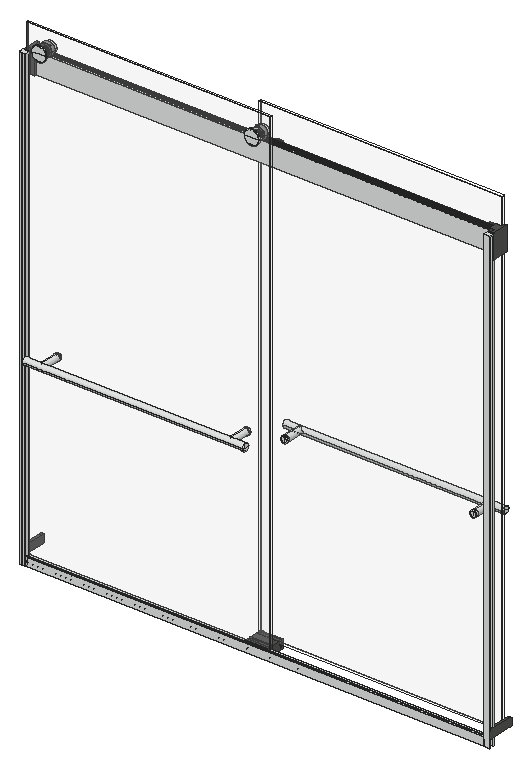
Revit family "Shower-Shower_Door-KOHLER-Levity_Plus-K-702426_1", category Specialty Equipment, host Face, Revit 2022
Family settings
  Host = Face
  Round Connector Dimension = Use Diameter
  Part Type = Normal
  OmniClass Number = 23.31.17.17
  OmniClass Title = Shower Enclosures
  Cut with Voids When Loaded = No
  Maintain Annotation Orientation = No
  Shared = No
  Room Calculation Point = No
Parameters (values of type "SHP-Bright Polished Silver")
  Width [instance] = Walk Thru + 199/256" + 31 81/256"  # 59 167/256"
  WaterSense Certified = 1 = 0  # no
  Walk Thru [instance] = 27 143/256"
  URL = "https://www.us.kohler.com/us/"
  Type = 1
  Product Page URL = "http://www.us.kohler.com/us/catalog/productDetails.jsp?productId=702426-L"
  Product Name = "Levity Plus"  # constant formula
  Product Documentation Link = "https://www.us.kohler.com/webassets/kpna/catalog/pdf/en/K-702426-L_spec_US-CA_Kohler_en.pdf"
  Model = if(Type = 1, "K-702426-L-SHP", if(Type = 2, "K-702426-L-BNK", if(Type = 3, "K-702426-L-BL", if(Type = 4, "K-702426-L-2MB", "NA"))))  # "K-702426-L-SHP"
  Material = "Premium Metal Construction"  # constant formula
  Master Format 2014 Name = "Shower Doors"  # constant formula
  Master Format 2014 = "10 28 19.16"  # constant formula
  Manufacturer Address = "444 Highland Dr, Kohler, WI 53044"  # constant formula
  Manufacturer = "Kohler Co."  # constant formula
  Length = 7 11/128"  # constant formula
  Height = 61 147/256"  # constant formula
  Finish = Kohler-Metal-SHP-Bright_Polished_Silver
  Environmental Product Declaration = ""
  Description = "3/8 BATH DOOR 62 X 59 5/8 TOWEL BAR"  # constant formula
  Default Elevation = 4"
  Declare Label = ""
  Date Modified = "03/24/2022"  # constant formula
  Date Created = "03/24/2022"  # constant formula
  Copyright = "Copyright Kohler Co."  # constant formula
  Contact Us = "https://www.us.kohler.com/us/static/contact.jsp"
  Assembly Code = "C1030200"
  ADA Compliant = 1 = 0  # no
Reference planes (in)
  plane 1 "Center (Front/Back)": y = 0
  plane 2: z = 0
  plane 3 "Center (Left/Right)": x = 0
  plane 4: x = 27.55859
  plane 5: x = 28.33574
  plane 6: x = 27.99528
  plane 7: x = 26.01938
  plane 8: z = 61.57422
  plane 9: z = 58.11024
  plane 10: z = 55.55118
  plane 11: z = 58.7811
  plane 12: x = -1.99865
  plane 13: x = -28.99865
  plane 14: x = -27.24865
  plane 15: x = 24.26938
  plane 16: x = -31.3166
  plane 17: x = -0.98122
  plane 18: y = -0.5592
  plane 19: x = -29.48798
  plane 20: x = -1.48798
  plane 21: z = 24.40945
  plane 22: x = -5.6645
  plane 23: y = 4.42112
  plane 24: y = 3.99592
  plane 25: y = -2.66482
  plane 26: y = -2.2403
  plane 27: y = -2.2403
  plane 28: x = 0.49068
  plane 29: x = -1.46995
  plane 30: x = 24.49068
  plane 31: x = 26.53005
  plane 32: y = -0.0391
Dimensions and locks (in)
  "Walk Thru": plane 4 to plane 3 "Center (Left/Right)"
  "Width": plane 16 to plane 5
  locked: plane 6 to plane 5 at 0.34046
  locked: plane 4 to plane 5 at 0.77715
  locked: plane 7 to plane 5 at 2.31636
  locked: plane 15 to plane 5 at 4.06636
  "Height": plane 8 to level
  plane 10 to level = 55.55118"
  plane 9 to plane 10 = 2.55906"
  "Length": plane 25 to plane 23
  locked: plane 31 to plane 5 at 1.80569
  locked: plane 30 to plane 31 at 2.03937
  locked: plane 28 to plane 30 at 24
  locked: plane 29 to plane 28 at 1.96063
  plane 21 to level = 24.40945"
  aligned and locked: plane 2 to host face
  aligned and locked: level to host face
  aligned and locked: plane 3 "Center (Left/Right)" to nested 1
  aligned and locked: plane 4 to nested 1
Automatic sketch dimensions
  host sketch curve to host sketch curve = 96"  (x2)
Nested families (in)
  nested 1: "K-702426" at (0, -0.5592, 0), type "K-702426"
    with Width 59.64914", Walk Thru 27 143/256"
Definition of nested family "K-702426"
  Parameters (values of type "K-702426")
    Width = Walk Thru + 0.77559" + 31.31496"  # 54.9252"
    Walk Thru = 22.83465"
    Material = none
    Default Elevation = 0"
  Reference planes (in)
    plane 1 "Center (Front/Back)": y = 0
    plane 2: z = 0
    plane 3 "Center (Left/Right)": x = 0
    plane 4: z = 61.5748
    plane 5: x = -31.3134
    plane 6: x = 22.83465
    plane 7: x = 23.61179
    plane 8: z = 55.55118
    plane 9: z = 58.11024
    plane 10 "A": z = 58.7811
    plane 11: x = -28.99865
    plane 12: x = -1.99865
    plane 13: y = -2.1063
    plane 14: y = -1.6811
    plane 15 "C": x = 21.3348
    plane 16 "X": z = 56.63127
    plane 17 "D": x = -5.66579
    plane 18: x = 23.27133
    plane 19 "M": x = -27.48798
    plane 20: x = -3.48798
    plane 21 "N": z = 24.40945
    plane 22: x = -29.48798
    plane 23: x = -1.48798
    plane 24 "O": x = -4.23327
    plane 25 "P": x = 19.76673
    plane 26: x = -6.60666
    plane 27: x = -4.72493
    plane 28: x = -2.93431
    plane 29: y = 4.98031
    plane 30: y = 4.55512
    plane 31: x = -6.1939
    plane 32: x = 21.8061
  Forms (in)
    Extrusion 1, solid
      sketch origin (0, 0, 0) x (1, 0, 0) y (0, 1, 0)
        loop
          line (-31.3134, 2.37158) -> (-31.3134, 0.38563)
          arc (-31.3134, 0.38563) -> (-31.30418, 0.36336) -> (-31.28191, 0.35413) r 0.0315
          line (-31.28191, 0.35413) -> (-31.02523, 0.35413)
          arc (-31.02523, 0.35413) -> (-31.00295, 0.36336) -> (-30.99373, 0.38563) r 0.0315
          line (-30.99373, 0.38563) -> (-30.99373, 0.85734)
          arc (-30.99373, 0.85734) -> (-30.9845, 0.87961) -> (-30.96223, 0.88884) r 0.0315
          line (-30.96223, 0.88884) -> (-30.36006, 0.88884)
          arc (-30.36006, 0.88884) -> (-30.33857, 0.89774) -> (-30.32966, 0.91923) r 0.03039
          line (-30.32966, 0.91923) -> (-30.32966, 2.02115) -> (-30.99701, 2.02858) -> (-30.99701, 2.37088)
          arc (-30.99701, 2.37088) -> (-31.00624, 2.39315) -> (-31.02851, 2.40237) r 0.0315
          line (-31.02851, 2.40237) -> (-31.28261, 2.40237)
          arc (-31.28261, 2.40237) -> (-31.30439, 2.39336) -> (-31.3134, 2.37158) r 0.03079
      from 55.35616 to 58.33005
    Extrusion 2, solid, material <- "Material", detail levels medium+fine
      sketch origin (0, 0, 0) x (1, 0, 0) y (0, 1, 0)
        loop
          line (-30.99165, 0.20982) -> (-30.99165, -0.20982) -> (-30.79705, -0.20982) -> (-30.79705, -0.27247) -> (-31.25589, -0.27247) -> (-31.25589, -0.30702) -> (-30.6559, -0.32797)
          arc (-30.6559, -0.32797) -> (-30.58047, -0.29901) -> (-30.5489, -0.22464) r 0.10339
          line (-30.5489, -0.22464) -> (-30.5489, 0.22464)
          arc (-30.5489, 0.22464) -> (-30.58047, 0.29901) -> (-30.6559, 0.32797) r 0.10339
          line (-30.6559, 0.32797) -> (-31.25589, 0.30702) -> (-31.25589, 0.27247) -> (-30.79705, 0.27247) -> (-30.79705, 0.20982) -> (-30.99165, 0.20982)
        loop
          line (-31.3134, 0.20982) -> (-31.12433, 0.20982) -> (-31.12433, 0) -> (-31.12433, -0.20982) -> (-31.3134, -0.20982) -> (-31.3134, -0.25253) -> (-31.08302, -0.25253) -> (-31.08302, 0) -> (-31.08302, 0.25253) -> (-31.3134, 0.25253) -> (-31.3134, 0.20982)
      from 0.08036 to 58.29324
    Extrusion 3, solid, material <- "Material", detail levels medium+fine
      sketch origin (0, 0, 0) x (1, 0, 0) y (0, 1, 0)
        loop
          line (-30.6559, 0.32797) -> (-31.25589, 0.30702) -> (-31.25589, 0.25253) -> (-31.3134, 0.25253) -> (-31.3134, -0.25253) -> (-31.25589, -0.25253) -> (-31.25589, -0.30702) -> (-30.6559, -0.32797)
          arc (-30.6559, -0.32797) -> (-30.58047, -0.29901) -> (-30.5489, -0.22464) r 0.10339
          line (-30.5489, -0.22464) -> (-30.5489, 0.22464)
          arc (-30.5489, 0.22464) -> (-30.58047, 0.29901) -> (-30.6559, 0.32797) r 0.10339
      from 58.36655 to 58.29324
    Extrusion 4, solid
      sketch origin (0, 0, 0) x (0, 1, 0) y (0, 0, 1)
        loop
          line (2.917, 2.13263) -> (-0.20982, 2.13263) -> (-0.20982, 1.05663) -> (2.93672, 1.05663)
          arc (2.93672, 1.05663) -> (3.10579, 1.12666) -> (3.17581, 1.29573) r 0.23909
          line (3.17581, 1.29573) -> (3.17581, 1.87382)
          arc (3.17581, 1.87382) -> (3.10001, 2.05683) -> (2.917, 2.13263) r 0.25882
      from -30.99165 to -31.3134
    Extrusion 5, solid, material <- "Material"
      sketch origin (0, 0, 0) x (0, 1, 0) y (0, 0, 1)
        loop
          arc (0, 0.33997) -> (0.03474, 0.38326) -> (0.08453, 0.35871) r 0.04434
          line (0.08453, 0.35871) -> (0.11423, 0.29502)
          arc (0.11423, 0.29502) -> (0.14686, 0.27839) -> (0.17089, 0.30603) r 0.02975
          line (0.17089, 0.30603) -> (0.20017, 0.86474)
          arc (0.20017, 0.86474) -> (0.19197, 0.88698) -> (0.17019, 0.89634) r 0.03002
          line (0.17019, 0.89634) -> (0.02343, 0.89634)
          arc (0.02343, 0.89634) -> (-0.02199, 0.94176) -> (0.02343, 0.98718) r 0.04542
          line (0.02343, 0.98718) -> (0.19567, 0.98718)
          arc (0.19567, 0.98718) -> (0.19347, 1.02749) -> (0.15814, 1.04703) r 0.04169
          line (0.15814, 1.04703) -> (-0.19878, 1.04703) -> (-0.19878, 0) -> (0.49474, 0) -> (0.49474, 0.07959) -> (0.14319, 0.07959)
          arc (0.14319, 0.07959) -> (0.04194, 0.12153) -> (0, 0.22278) r 0.14319
          line (0, 0.22278) -> (0, 0.33997)
        loop
          line (0.53901, 0.96058) -> (0.10163, 0.96058)
          arc (0.10163, 0.96058) -> (0.08163, 0.94058) -> (0.10163, 0.92059) r 0.01999
          line (0.10163, 0.92059) -> (0.53901, 0.92059)
          arc (0.53901, 0.92059) -> (0.559, 0.94058) -> (0.53901, 0.96058) r 0.01999
      from -30.99165 to 22.83465
    Revolve 6, solid, material <- "Material", detail levels medium+fine
      sketch origin (27, 0, 58.7811) x (0, -1, 0) y (1, 0, 0)
        loop
          line (0.14044, -28.99865) -> (-1.79905, -28.99865) -> (-1.79905, -29.69269) -> (-1.43263, -29.69269) -> (-1.43263, -29.74488)
          arc (-1.43263, -29.74488) -> (-1.24562, -29.80339) -> (-1.05861, -29.74488) r 0.32812
          line (-1.05861, -29.74488) -> (-1.05861, -29.53477) -> (-0.92215, -29.53477) -> (-0.92215, -29.73162) -> (-0.7253, -29.73162) -> (-0.7253, -29.46245) -> (-0.4133, -29.46245) -> (-0.4133, -29.6593) -> (-0.06827, -29.6593) -> (-0.06827, -29.89414) -> (-0.02811, -29.93431) -> (0.09751, -29.93431) -> (0.14044, -29.89138) -> (0.14044, -28.99865)
        axis (0.14044, -28.99865) -> (-1.79905, -28.99865)
      angle from 0 to 360
    Revolve 7, solid, material <- "Material", detail levels medium+fine
      sketch origin (0, 0, 58.7811) x (0, -1, 0) y (1, 0, 0)
        loop
          line (0.14044, -28.99865) -> (-1.79905, -28.99865) -> (-1.79905, -29.69269) -> (-1.43263, -29.69269) -> (-1.43263, -29.74488)
          arc (-1.43263, -29.74488) -> (-1.24562, -29.80339) -> (-1.05861, -29.74488) r 0.32812
          line (-1.05861, -29.74488) -> (-1.05861, -29.53477) -> (-0.92215, -29.53477) -> (-0.92215, -29.73162) -> (-0.7253, -29.73162) -> (-0.7253, -29.46245) -> (-0.36761, -29.46245) -> (-0.36761, -29.6593) -> (-0.06827, -29.6593) -> (-0.06827, -29.89414) -> (-0.02811, -29.93431) -> (0.09751, -29.93431) -> (0.14044, -29.89138) -> (0.14044, -28.99865)
        axis (0.14044, -28.99865) -> (-1.79905, -28.99865)
      angle from 0 to 360
    Extrusion 8, solid, material <- "Material", detail levels medium+fine
      sketch origin (0, 0, 0) x (0, 1, 0) y (0, 0, 1)
        loop
          line (0.97838, 58.11024) -> (0.97838, 55.55118) -> (1.85747, 55.55118)
          arc (1.85747, 55.55118) -> (1.9, 55.5688) -> (1.91761, 55.61132) r 0.06014
          line (1.91761, 55.61132) -> (1.91761, 55.8826)
          arc (1.91761, 55.8826) -> (1.89894, 55.93897) -> (1.85029, 55.97303) r 0.0944
          line (1.85029, 55.97303) -> (1.85029, 55.89596) -> (1.65621, 55.79963) -> (1.38912, 55.92464) -> (1.38912, 57.53182)
          arc (1.38912, 57.53182) -> (1.41101, 57.58465) -> (1.46384, 57.60654) r 0.07472
          line (1.46384, 57.60654) -> (1.84605, 57.60654) -> (1.84605, 57.43287) -> (1.8957, 57.43287)
          arc (1.8957, 57.43287) -> (1.91735, 57.44184) -> (1.92632, 57.46349) r 0.03062
          line (1.92632, 57.46349) -> (1.92632, 58.05604)
          arc (1.92632, 58.05604) -> (1.91044, 58.09436) -> (1.87212, 58.11024) r 0.0542
          line (1.87212, 58.11024) -> (1.69975, 58.11024) -> (1.69975, 58.0262) -> (1.81407, 58.0262)
          arc (1.81407, 58.0262) -> (1.84489, 58.01343) -> (1.85765, 57.98261) r 0.04358
          line (1.85765, 57.98261) -> (1.85765, 57.82935) -> (1.31287, 57.82935) -> (1.31287, 57.89797) -> (1.44737, 57.95785) -> (1.44737, 58.00188)
          arc (1.44737, 58.00188) -> (1.43926, 58.01681) -> (1.42231, 58.01815) r 0.01781
          line (1.42231, 58.01815) -> (1.24538, 57.93937) -> (1.04592, 58.02818) -> (1.04592, 58.09041)
          arc (1.04592, 58.09041) -> (1.04011, 58.10443) -> (1.02609, 58.11024) r 0.01983
          line (1.02609, 58.11024) -> (0.97838, 58.11024)
      from -30.58824 to 22.83465
    Extrusion 9, solid
      sketch origin (0, 0, 58.7811) x (0, -1, 0) y (1, 0, 0)
        loop
          line (-0.32691, -0.05125) -> (-0.38691, 0.00875) -> (-0.64791, 0.00875) -> (-0.70791, -0.05125) -> (-0.70791, -30.93125) -> (-0.64791, -30.99125) -> (-0.38691, -30.99125) -> (-0.32691, -30.93125) -> (-0.32691, -0.05125)
      from 2.7937 to -58.06096
    Extrusion 10, solid
      sketch origin (0, 0, 0) x (0, 1, 0) y (0, 0, 1)
        loop
          line (2.79395, 0) -> (2.73913, 1.04611)
          arc (2.73913, 1.04611) -> (2.73201, 1.06155) -> (2.71622, 1.06785) r 0.02294
          line (2.71622, 1.06785) -> (2.58256, 1.06785)
          arc (2.58256, 1.06785) -> (2.56781, 1.06181) -> (2.56152, 1.04717) r 0.02105
          line (2.56152, 1.04717) -> (2.54725, 0.22974)
          arc (2.54725, 0.22974) -> (2.52045, 0.16735) -> (2.45761, 0.14164) r 0.08966
          line (2.45761, 0.14164) -> (2.27292, 0.14164)
          arc (2.27292, 0.14164) -> (2.21358, 0.16532) -> (2.18684, 0.22333) r 0.0862
          line (2.18684, 0.22333) -> (2.14487, 1.02412)
          arc (2.14487, 1.02412) -> (2.13055, 1.05518) -> (2.09879, 1.06785) r 0.04614
          line (2.09879, 1.06785) -> (1.06637, 1.06785)
          arc (1.06637, 1.06785) -> (1.03461, 1.05518) -> (1.02029, 1.02412) r 0.04614
          line (1.02029, 1.02412) -> (0.97833, 0.22333)
          arc (0.97833, 0.22333) -> (0.95158, 0.16532) -> (0.89225, 0.14164) r 0.0862
          line (0.89225, 0.14164) -> (0.70755, 0.14164)
          arc (0.70755, 0.14164) -> (0.64471, 0.16735) -> (0.61791, 0.22974) r 0.08966
          line (0.61791, 0.22974) -> (0.60364, 1.04717)
          arc (0.60364, 1.04717) -> (0.59735, 1.06181) -> (0.5826, 1.06785) r 0.02105
          line (0.5826, 1.06785) -> (0.30693, 1.06785) -> (0.30693, 0.16201) -> (0.47604, 0.16201)
          arc (0.47604, 0.16201) -> (0.50033, 0.15195) -> (0.51039, 0.12766) r 0.03435
          line (0.51039, 0.12766) -> (0.51039, 0.08994)
          arc (0.51039, 0.08994) -> (0.52098, 0.06032) -> (0.54793, 0.04411) r 0.04675
          arc (0.54793, 0.04411) -> (0.76846, 0.01105) -> (0.99117, 0) r 2.24921
          line (0.99117, 0) -> (2.79395, 0)
      from -3.12027 to -0.34077
    Revolve 11, solid, material <- "Material"
      sketch origin (-5.66579, 0, 0) x (0, 0, -1) y (0, -1, 0)
        loop
          line (-57.57086, -2.99093) -> (-57.53008, -3.03171) -> (-56.63127, -3.03171) -> (-56.63127, -1.91129) -> (-57.36736, -1.91129) -> (-57.36736, -2.16793) -> (-57.23745, -2.16793) -> (-57.23745, -2.52933) -> (-57.29546, -2.52933) -> (-57.29546, -2.82297) -> (-57.52921, -2.82297) -> (-57.57086, -2.86461) -> (-57.57086, -2.99093)
        axis (-56.63127, -1.91129) -> (-56.63127, -3.03171)
      angle from 0 to 360
    Revolve 12, solid, material <- "Material"
      sketch origin (21.3348, 0, 0) x (0, 0, -1) y (0, -1, 0)
        loop
          line (-57.57086, -2.99093) -> (-57.53008, -3.03171) -> (-56.63127, -3.03171) -> (-56.63127, -1.91129) -> (-57.36736, -1.91129) -> (-57.36736, -2.16793) -> (-57.23745, -2.16793) -> (-57.23745, -2.52933) -> (-57.29546, -2.52933) -> (-57.29546, -2.82297) -> (-57.52921, -2.82297) -> (-57.57086, -2.86461) -> (-57.57086, -2.99093)
        axis (-56.63127, -1.91129) -> (-56.63127, -3.03171)
      angle from 0 to 360
    Extrusion 13, solid
      sketch origin (0, 0, 58.7811) x (0, -1, 0) y (1, 0, 0)
        loop
          line (-2.40428, 23.61179) -> (-2.40428, 23.41034)
          arc (-2.40428, 23.41034) -> (-2.37444, 23.3383) -> (-2.30241, 23.30846) r 0.10187
          line (-2.30241, 23.30846) -> (-2.09932, 23.30846)
          arc (-2.09932, 23.30846) -> (-2.03657, 23.28247) -> (-2.01058, 23.21972) r 0.08874
          line (-2.01058, 23.21972) -> (-2.01058, 22.68355)
          arc (-2.01058, 22.68355) -> (-1.99255, 22.64001) -> (-1.949, 22.62197) r 0.06158
          line (-1.949, 22.62197) -> (-0.96774, 22.62197)
          arc (-0.96774, 22.62197) -> (-0.9202, 22.64166) -> (-0.90051, 22.6892) r 0.06723
          line (-0.90051, 22.6892) -> (-0.90051, 23.19912)
          arc (-0.90051, 23.19912) -> (-0.8829, 23.24164) -> (-0.84038, 23.25925) r 0.06013
          line (-0.84038, 23.25925) -> (-0.37453, 23.25925)
          arc (-0.37453, 23.25925) -> (-0.34132, 23.273) -> (-0.32756, 23.30621) r 0.04697
          line (-0.32756, 23.30621) -> (-0.32756, 23.61179) -> (-2.40428, 23.61179)
      from -0.4295 to -3.42639
    Extrusion 14, solid
      sketch origin (0, 0, 0) x (0, 1, 0) y (0, 0, -1)
        loop
          arc (2.917, -2.13263) -> (3.10001, -2.05683) -> (3.17581, -1.87382) r 0.25882
          line (3.17581, -1.87382) -> (3.17581, -1.29573)
          arc (3.17581, -1.29573) -> (3.10579, -1.12666) -> (2.93672, -1.05663) r 0.23909
          line (2.93672, -1.05663) -> (-0.23901, -1.05663) -> (-0.23901, -2.13263) -> (2.917, -2.13263)
      from -23.27133 to -23.61179
    Extrusion 15, solid, material <- "Material"
      sketch origin (0, 0, 58.7811) x (0, -1, 0) y (1, 0, 0)
        loop
          line (-0.32756, 22.83465) -> (0.31775, 22.83465) -> (0.31775, 23.61179) -> (0.23901, 23.61179) -> (0.23901, 22.91339) -> (-0.24882, 22.91339) -> (-0.24882, 23.61179) -> (-0.32756, 23.61179) -> (-0.32756, 22.83465)
      from -58.70152 to -0.5382
    Extrusion 16, solid, material <- "Material"
      sketch origin (0, 0, 0) x (1, 0, 0) y (0, 1, 0)
        loop
          line (23.61179, 0.32756) -> (22.83465, 0.32756) -> (22.83465, -0.31775) -> (23.61179, -0.31775) -> (23.61179, 0.32756)
      from 58.2429 to 58.11024
    Extrusion 17, solid
      sketch origin (0, 0, 58.7811) x (0, -1, 0) y (1, 0, 0)
        loop
          line (-2.21054, 23.27133) -> (-2.47154, 23.27133) -> (-2.53154, 23.21133) -> (-2.53154, -7.63717) -> (-2.47154, -7.69717) -> (-2.21054, -7.69717) -> (-2.15054, -7.63717) -> (-2.15054, 23.21133) -> (-2.21054, 23.27133)
      from -58.07652 to 2.7937
    Extrusion 18, solid, material <- "Material", detail levels coarse
      sketch origin (0, 0, 58.7811) x (0, -1, 0) y (1, 0, 0)
        loop
          line (-0.32797, -30.5489) -> (-0.32797, -31.3134) -> (0.32797, -31.3134) -> (0.32797, -30.5489) -> (-0.32797, -30.5489)
      from -58.7811 to -0.45105
    Revolve 19, solid, material <- "Material", detail levels coarse
      sketch origin (0, 0, 58.7811) x (0, -1, 0) y (1, 0, 0)
        loop
          line (0.14044, -28.99865) -> (-1.79905, -28.99865) -> (-1.79905, -29.69269) -> (-1.43263, -29.69269) -> (-1.43263, -29.74488) -> (-1.05861, -29.74488) -> (-1.05861, -29.53477) -> (-0.92215, -29.53477) -> (-0.92215, -29.73162) -> (-0.70791, -29.73162) -> (-0.70791, -29.6593) -> (-0.06827, -29.6593) -> (-0.06827, -29.93431) -> (0.14044, -29.93431) -> (0.14044, -28.99865)
        axis (-1.79905, -28.99865) -> (0.14044, -28.99865)
      angle from 0 to 360
    Revolve 20, solid, material <- "Material", detail levels coarse
      sketch origin (27, 0, 58.7811) x (0, -1, 0) y (1, 0, 0)
        loop
          line (0.14044, -28.99865) -> (-1.79905, -28.99865) -> (-1.79905, -29.69269) -> (-1.43263, -29.69269) -> (-1.43263, -29.74488) -> (-1.05861, -29.74488) -> (-1.05861, -29.53477) -> (-0.92215, -29.53477) -> (-0.92215, -29.73162) -> (-0.7253, -29.73162) -> (-0.7253, -29.6593) -> (-0.06827, -29.6593) -> (-0.06827, -29.93431) -> (0.14044, -29.93431) -> (0.14044, -28.99865)
        axis (-1.79905, -28.99865) -> (0.14044, -28.99865)
      angle from 0 to 360
    Extrusion 21, solid, material <- "Material", detail levels coarse
      sketch origin (0, 0, 0) x (0, 1, 0) y (0, 0, 1)
        loop
          line (0.97838, 58.11024) -> (0.97838, 55.55118) -> (1.92632, 55.55118) -> (1.92632, 58.11024) -> (0.97838, 58.11024)
      from -30.5489 to 22.83465
    Revolve 22, solid, material <- "Material"
      sketch origin (-27.48798, 0, 0) x (0, 1, 0) y (0, 0, 1)
        loop
          line (1.0153, 24.40945) -> (1.0153, 24.78916)
          arc (1.0153, 24.78916) -> (1.00693, 24.80937) -> (0.98672, 24.81774) r 0.02858
          line (0.98672, 24.81774) -> (0.77828, 24.81774)
          arc (0.77828, 24.81774) -> (0.75066, 24.81374) -> (0.7253, 24.80206) r 0.09735
          line (0.7253, 24.80206) -> (-1.6811, 24.80206) -> (-1.6811, 24.40945) -> (1.0153, 24.40945)
        axis (1.0153, 24.40945) -> (-1.6811, 24.40945)
      angle from 0 to 360
    Revolve 23, solid, material <- "Material"
      sketch origin (-3.48798, 0, 0) x (0, 1, 0) y (0, 0, 1)
        loop
          line (1.0153, 24.40945) -> (1.0153, 24.78916)
          arc (1.0153, 24.78916) -> (1.00693, 24.80937) -> (0.98672, 24.81774) r 0.02858
          line (0.98672, 24.81774) -> (0.77828, 24.81774)
          arc (0.77828, 24.81774) -> (0.75066, 24.81374) -> (0.7253, 24.80206) r 0.09735
          line (0.7253, 24.80206) -> (-1.6811, 24.80206) -> (-1.6811, 24.40945) -> (1.0153, 24.40945)
        axis (1.0153, 24.40945) -> (-1.6811, 24.40945)
      angle from 0 to 360
    Revolve 24, solid, material <- "Material", detail levels medium+fine
      sketch origin (0, 0, 24.40945) x (-1, 0, 0) y (0, -1, 0)
        loop
          line (1.48798, 1.6811) -> (29.48798, 1.6811) -> (29.48798, 2.05371) -> (29.43539, 2.1063) -> (1.54209, 2.1063) -> (1.48798, 2.05219) -> (1.48798, 1.6811)
        axis (29.48798, 1.6811) -> (1.48798, 1.6811)
      angle from 0 to 360
    Revolve 25, solid, material <- "Material"
      sketch origin (-4.23327, 0, 0) x (0, 1, 0) y (0, 0, 1)
        loop
          line (1.87663, 24.40945) -> (4.47562, 24.40945) -> (4.47562, 24.80206) -> (2.16662, 24.80206)
          arc (2.16662, 24.80206) -> (2.14127, 24.81374) -> (2.11364, 24.81774) r 0.09735
          line (2.11364, 24.81774) -> (1.90521, 24.81774)
          arc (1.90521, 24.81774) -> (1.885, 24.80937) -> (1.87663, 24.78916) r 0.02858
          line (1.87663, 24.78916) -> (1.87663, 24.40945)
        axis (4.47562, 24.40945) -> (1.87663, 24.40945)
      angle from 0 to 360
    Revolve 26, solid, material <- "Material"
      sketch origin (19.76673, 0, 0) x (0, 1, 0) y (0, 0, 1)
        loop
          line (1.87663, 24.40945) -> (4.47562, 24.40945) -> (4.47562, 24.80206) -> (2.16662, 24.80206)
          arc (2.16662, 24.80206) -> (2.14127, 24.81374) -> (2.11364, 24.81774) r 0.09735
          line (2.11364, 24.81774) -> (1.90521, 24.81774)
          arc (1.90521, 24.81774) -> (1.885, 24.80937) -> (1.87663, 24.78916) r 0.02858
          line (1.87663, 24.78916) -> (1.87663, 24.40945)
        axis (4.47562, 24.40945) -> (1.87663, 24.40945)
      angle from 0 to 360
    Revolve 27, solid, material <- "Material", detail levels medium+fine
      sketch origin (0, 0, 24.40945) x (-1, 0, 0) y (0, -1, 0)
        loop
          line (6.14427, -4.98031) -> (6.1939, -4.93069) -> (6.1939, -4.55545) -> (-21.8061, -4.55545) -> (-21.8061, -4.93007) -> (-21.75586, -4.98031) -> (6.14427, -4.98031)
        axis (6.1939, -4.55545) -> (-21.8061, -4.55545)
      angle from 0 to 360
    Revolve 28, solid, material <- "Material", detail levels coarse
      sketch origin (0, 0, 24.40945) x (-1, 0, 0) y (0, -1, 0)
        loop
          line (1.48798, 1.6811) -> (29.48798, 1.6811) -> (29.48798, 2.1063) -> (1.48798, 2.1063) -> (1.48798, 1.6811)
        axis (1.48798, 1.6811) -> (29.48798, 1.6811)
      angle from 0 to 360
    Revolve 29, solid, material <- "Material", detail levels coarse
      sketch origin (0, 0, 24.40945) x (-1, 0, 0) y (0, -1, 0)
        loop
          line (6.1939, -4.98031) -> (6.1939, -4.55545) -> (-21.8061, -4.55545) -> (-21.8061, -4.98031) -> (6.1939, -4.98031)
        axis (6.1939, -4.55545) -> (-21.8061, -4.55545)
      angle from 0 to 360
  Cuts and joins
    joined: Extrusion 2, Extrusion 3
    joined: Extrusion 15, Extrusion 16
  Lines and regions (in)
    Masking region 1
      outline origin (21.3348, 0, 0) x (0, 0, -1) y (0, -1, 0)
        loop
          line (-61.5748, -0.32691) -> (-61.5748, -0.70791) -> (-59.51407, -0.70791) -> (-59.51407, -0.92215) -> (-59.31722, -0.92215) -> (-59.31722, -1.05861) -> (-59.52733, -1.05861)
          arc (-59.52733, -1.05861) -> (-59.58927, -1.24562) -> (-59.52733, -1.43263) r 0.31327
          line (-59.52733, -1.43263) -> (-59.47514, -1.43263) -> (-59.47514, -1.79905) -> (-58.33005, -1.79905) -> (-58.33005, -2.15054) -> (-61.5748, -2.15054) -> (-61.5748, -2.53154) -> (-57.29546, -2.53154) -> (-57.29546, -2.82297) -> (-57.52921, -2.82297) -> (-57.57086, -2.86461) -> (-57.57086, -2.99093) -> (-57.53008, -3.03171) -> (-55.73246, -3.03171) -> (-55.69168, -2.99093) -> (-55.69168, -2.86461) -> (-55.73333, -2.82297) -> (-55.96708, -2.82297) -> (-55.96708, -2.53154) -> (-24.8029, -2.53154) -> (-24.8029, -4.39548)
          arc (-24.8029, -4.39548) -> (-24.40945, -4.98031) -> (-24.01599, -4.39548) r 0.42477
          line (-24.01599, -4.39548) -> (-24.01599, -2.53154) -> (-2.13263, -2.53154) -> (-2.13263, -2.917)
          arc (-2.13263, -2.917) -> (-2.05683, -3.10001) -> (-1.87382, -3.17581) r 0.25882
          line (-1.87382, -3.17581) -> (-1.29573, -3.17581)
          arc (-1.29573, -3.17581) -> (-1.12666, -3.10579) -> (-1.05663, -2.93672) r 0.23909
          line (-1.05663, -2.93672) -> (-1.05663, -2.73858) -> (0, -2.79395) -> (0, -0.99117)
          arc (0, -0.99117) -> (-0.01105, -0.76846) -> (-0.04411, -0.54793) r 2.24921
          arc (-0.04411, -0.54793) -> (-0.06032, -0.52098) -> (-0.08994, -0.51039) r 0.04675
          line (-0.08994, -0.51039) -> (-0.12766, -0.51039)
          arc (-0.12766, -0.51039) -> (-0.15195, -0.50033) -> (-0.16201, -0.47604) r 0.03435
          line (-0.16201, -0.47604) -> (-0.16201, -0.32756) -> (-0.07959, -0.32756) -> (-0.07959, -0.49474) -> (0, -0.49474) -> (0, 0.19878) -> (-0.08036, 0.19878) -> (-0.08036, 0.32803) -> (-24.01599, 0.32803) -> (-24.01599, 1.45154)
          arc (-24.01599, 1.45154) -> (-24.40945, 2.10013) -> (-24.8029, 1.45154) r 0.44363
          line (-24.8029, 1.45154) -> (-24.8029, 0.32803) -> (-58.36655, 0.32803) -> (-58.36655, 0.14044) -> (-59.67383, 0.14044) -> (-59.7168, 0.09747) -> (-59.7168, -0.02728) -> (-59.67581, -0.06827) -> (-59.44175, -0.06827) -> (-59.44175, -0.32691) -> (-61.5748, -0.32691)
        loop
          line (-1.05663, -0.7253) -> (-1.05663, -1.03622)
          arc (-1.05663, -1.03622) -> (-1.04201, -1.02494) -> (-1.02412, -1.02029) r 0.04614
          line (-1.02412, -1.02029) -> (-0.22333, -0.97833)
          arc (-0.22333, -0.97833) -> (-0.16532, -0.95158) -> (-0.14164, -0.89225) r 0.0862
          line (-0.14164, -0.89225) -> (-0.14164, -0.70755)
          arc (-0.14164, -0.70755) -> (-0.16735, -0.64471) -> (-0.22974, -0.61791) r 0.08966
          line (-0.22974, -0.61791) -> (-0.72015, -0.60935) -> (-0.72015, -0.7253) -> (-1.05663, -0.7253)
        loop
          arc (-0.22974, -2.54725) -> (-0.16735, -2.52045) -> (-0.14164, -2.45761) r 0.08966
          line (-0.14164, -2.45761) -> (-0.14164, -2.27292)
          arc (-0.14164, -2.27292) -> (-0.16532, -2.21358) -> (-0.22333, -2.18684) r 0.0862
          line (-0.22333, -2.18684) -> (-0.70459, -2.16162) -> (-0.70459, -2.53154) -> (-1.02649, -2.53154) -> (-1.05663, -2.56169) -> (-0.22974, -2.54725)
        loop
          line (-2.13263, -0.7253) -> (-19.9478, -0.7253) -> (-24.014, -0.7253)
          arc (-24.014, -0.7253) -> (-24.00212, -0.75724) -> (-23.99808, -0.79109) r 0.14387
          line (-23.99808, -0.79109) -> (-23.99808, -0.98395)
          arc (-23.99808, -0.98395) -> (-24.00726, -1.0061) -> (-24.02941, -1.01528) r 0.03133
          line (-24.02941, -1.01528) -> (-24.40945, -1.01528) -> (-24.78949, -1.01528)
          arc (-24.78949, -1.01528) -> (-24.81164, -1.0061) -> (-24.82082, -0.98395) r 0.03133
          line (-24.82082, -0.98395) -> (-24.82082, -0.79109)
          arc (-24.82082, -0.79109) -> (-24.81678, -0.75724) -> (-24.8049, -0.7253) r 0.14387
          line (-24.8049, -0.7253) -> (-32.4488, -0.7253) -> (-55.35616, -0.7253) -> (-55.35616, -2.15054) -> (-24.8105, -2.15054)
          arc (-24.8105, -2.15054) -> (-24.81822, -2.12428) -> (-24.82082, -2.09704) r 0.14387
          line (-24.82082, -2.09704) -> (-24.82082, -1.90418)
          arc (-24.82082, -1.90418) -> (-24.81164, -1.88202) -> (-24.78949, -1.87284) r 0.03133
          line (-24.78949, -1.87284) -> (-24.40945, -1.87284) -> (-24.02941, -1.87284)
          arc (-24.02941, -1.87284) -> (-24.00726, -1.88202) -> (-23.99808, -1.90418) r 0.03133
          line (-23.99808, -1.90418) -> (-23.99808, -2.09704)
          arc (-23.99808, -2.09704) -> (-24.00068, -2.12428) -> (-24.0084, -2.15054) r 0.14387
          line (-24.0084, -2.15054) -> (-2.13263, -2.15054) -> (-2.13263, -0.7253)
    Masking region 2
      outline origin (0, 0, 0) x (1, 0, 0) y (0, 0, 1)
        loop
          line (-30.99192, 61.5748) -> (-30.99192, 58.36655) -> (-31.3134, 58.36655) -> (-31.3134, 0.08036) -> (-30.99165, 0.08036) -> (-30.99165, 0) -> (22.83465, 0) -> (22.83465, 0.07959) -> (23.61179, 0.07959) -> (23.61179, 58.35161) -> (23.27133, 58.35161) -> (23.27133, 61.5748) -> (-30.99192, 61.5748)
    Masking region 3
      outline origin (0, 0, 0) x (1, 0, 0) y (0, 1, 0)
        loop
          line (-31.3134, 3.17581) -> (-31.3134, -0.32797) -> (-30.54744, -0.32797) -> (-30.54744, -0.19878) -> (-27.88153, -0.19878) -> (-27.88153, -1.23685) -> (-29.43477, -1.23685) -> (-29.48798, -1.29006) -> (-29.48798, -2.05371) -> (-29.43539, -2.1063) -> (-1.54209, -2.1063) -> (-1.48798, -2.05219) -> (-1.48798, -1.29158) -> (-1.54209, -1.23747) -> (-3.09444, -1.23747) -> (-3.09444, -0.19878) -> (22.83465, -0.19878) -> (22.83465, -0.31775) -> (23.61179, -0.31775) -> (23.61179, 3.17581) -> (23.27133, 3.17581) -> (23.27133, 2.02713)
          arc (23.27133, 2.02713) -> (23.24682, 2.01482) -> (23.21972, 2.01058) r 0.08874
          line (23.21972, 2.01058) -> (22.68355, 2.01058)
          arc (22.68355, 2.01058) -> (22.63266, 1.98368) -> (22.62624, 1.92648) r 0.06158
          line (22.62624, 1.92648) -> (-0.34077, 1.92648) -> (-0.34077, 2.79395) -> (-3.12027, 2.79395) -> (-3.12027, 1.92648) -> (-30.32966, 1.92648) -> (-30.32966, 2.02115) -> (-30.99165, 2.02852) -> (-30.99165, 3.17581) -> (-31.3134, 3.17581)
        loop
          line (-30.36006, 0.88884) -> (-30.96198, 0.88884)
          arc (-30.96198, 0.88884) -> (-30.98312, 0.88008) -> (-30.99187, 0.85894) r 0.0299
          line (-30.99187, 0.85894) -> (-30.99187, 0.64729) -> (-30.93125, 0.70791) -> (-29.73162, 0.70791) -> (-29.73162, 0.92215) -> (-29.53477, 0.92215) -> (-29.53477, 0.97838) -> (-30.32966, 0.97838) -> (-30.32966, 0.91923)
          arc (-30.32966, 0.91923) -> (-30.33857, 0.89774) -> (-30.36006, 0.88884) r 0.03039
        loop
          line (-28.26569, 0.92215) -> (-28.26569, 0.70791) -> (-27.8803, 0.70791)
          arc (-27.8803, 0.70791) -> (-27.89212, 0.74788) -> (-27.89611, 0.78936) r 0.21779
          line (-27.89611, 0.78936) -> (-27.89611, 0.97838) -> (-28.46254, 0.97838) -> (-28.46254, 0.92215) -> (-28.26569, 0.92215)
        loop
          line (22.62281, 0.97838) -> (-0.34077, 0.97838) -> (-0.34077, 0.70791) -> (-0.05125, 0.70791) -> (0.00875, 0.64791) -> (0.00875, 0.5592) -> (22.83465, 0.5592) -> (22.83465, 0.32756) -> (23.3183, 0.32756)
          arc (23.3183, 0.32756) -> (23.28509, 0.34132) -> (23.27133, 0.37453) r 0.04697
          line (23.27133, 0.37453) -> (23.27133, 0.84038)
          arc (23.27133, 0.84038) -> (23.25372, 0.8829) -> (23.2112, 0.90051) r 0.06013
          line (23.2112, 0.90051) -> (22.6892, 0.90051)
          arc (22.6892, 0.90051) -> (22.63804, 0.92412) -> (22.62281, 0.97838) r 0.06723
        loop
          line (-27.07986, 0.97838) -> (-27.07986, 0.78936)
          arc (-27.07986, 0.78936) -> (-27.08376, 0.74791) -> (-27.09533, 0.70791) r 0.22214
          line (-27.09533, 0.70791) -> (-3.85486, 0.70791)
          arc (-3.85486, 0.70791) -> (-3.87466, 0.74238) -> (-3.88153, 0.78153) r 0.11495
          line (-3.88153, 0.78153) -> (-3.88153, 0.97838) -> (-27.07986, 0.97838)
        loop
          line (-27.09444, -0.19878) -> (-27.09444, -1.23685) -> (-3.88153, -1.23685) -> (-3.88153, -0.19878) -> (-27.09444, -0.19878)
    Masking region 4
      outline origin (0, 0, 24.40945) x (-1, 0, 0) y (0, -1, 0)
        loop
          line (4.76699, -3.03171) -> (6.5646, -3.03171) -> (6.60666, -2.98965) -> (6.60666, -2.86589) -> (6.56374, -2.82297) -> (6.32999, -2.82297) -> (6.32999, -2.53154) -> (7.63717, -2.53154) -> (7.69717, -2.47154) -> (7.69717, -2.21054) -> (7.63717, -2.15054) -> (6.40253, -2.15054) -> (6.40253, -1.92632) -> (4.9297, -1.92632) -> (4.9297, -2.15054) -> (4.62588, -2.15054) -> (4.62588, -1.92632) -> (3.84065, -1.92632) -> (3.84065, -2.15054) -> (-19.37412, -2.15054) -> (-19.37412, -1.92632) -> (-20.15935, -1.92632) -> (-20.15935, -2.15054) -> (-20.59871, -2.15054) -> (-20.59871, -1.92632) -> (-22.06415, -1.92632) -> (-22.06415, -2.15054) -> (-23.21133, -2.15054) -> (-23.27133, -2.21054) -> (-23.27133, -2.47154) -> (-23.21133, -2.53154) -> (-21.999, -2.53154) -> (-21.999, -2.82297) -> (-22.23275, -2.82297) -> (-22.27391, -2.86413) -> (-22.27391, -2.99141) -> (-22.23361, -3.03171) -> (-21.3348, -3.03171) -> (-20.436, -3.03171) -> (-20.39509, -2.99081) -> (-20.39509, -2.86473) -> (-20.43686, -2.82297) -> (-20.67061, -2.82297) -> (-20.67061, -2.53154) -> (-20.15935, -2.53154) -> (-20.15935, -4.13058) -> (-21.75586, -4.13058) -> (-21.8061, -4.18082) -> (-21.8061, -4.93007) -> (-21.75586, -4.98031) -> (6.14427, -4.98031) -> (6.1939, -4.93069) -> (6.1939, -4.1802) -> (6.14427, -4.13058) -> (4.62588, -4.13058) -> (4.62588, -2.53154) -> (5.0016, -2.53154) -> (5.0016, -2.82297) -> (4.76785, -2.82297) -> (4.72493, -2.86589) -> (4.72493, -2.98965) -> (4.76699, -3.03171)
        loop
          line (3.84065, -4.13058) -> (3.84065, -2.53154) -> (-19.37412, -2.53154) -> (-19.37412, -4.13058) -> (3.84065, -4.13058)
    symbolic lines, detail levels medium+fine
      curve 1: line (21.3348, 1.79905, 58.33005) -> (21.3348, 0.4133, 58.33005)
      curve 2: line (21.3348, 1.43263, 59.47514) -> (21.3348, 1.43263, 58.33005)
      curve 3: line (21.3348, 1.05861, 59.31722) -> (21.3348, 1.05861, 58.33005)
      curve 4: line (21.3348, 0.92215, 59.31722) -> (21.3348, 0.92215, 58.33005)
      curve 5: line (21.3348, 0.70791, 59.51407) -> (21.3348, 0.70791, 58.33005)
      curve 6: line (21.3348, -0.20325, 58.36655) -> (21.3348, 0.32756, 58.36655)
      curve 7: line (21.3348, 0.06827, 59.44175) -> (21.3348, 0.06827, 58.36655)
      curve 8: line (21.3348, -0.09747, 59.7168) -> (21.3348, -0.09747, 58.36655)
      curve 9: line (21.3348, 0.02728, 59.7168) -> (21.3348, 0.02728, 58.36655)
      curve 10: line (21.3348, 2.15054, 55.35616) -> (21.3348, 2.40237, 55.35616)
      curve 11: line (21.3348, 2.40237, 55.35616) -> (21.3348, 2.40237, 58.33005)
      curve 12: line (21.3348, 2.82297, 55.96708) -> (21.3348, 2.82297, 57.29546)
      curve 13: line (21.3348, 2.86461, 55.69168) -> (21.3348, 2.86461, 57.57086)
      curve 14: line (21.3348, 2.99093, 57.57086) -> (21.3348, 2.99093, 55.69168)
      curve 15: line (21.3348, 2.11274, 58.33005) -> (21.3348, 2.40237, 58.33005)
      curve 16: line (21.3348, 0.7253, 55.35616) -> (21.3348, 0.35413, 55.35616)
      curve 17: line (21.3348, 0.32756, 2.13263) -> (21.3348, 0.32756, 58.36655)
      curve 18: line (21.3348, 0.4133, 58.33005) -> (21.3348, 0.35413, 58.33005)
      curve 19: line (21.3348, 0.35413, 58.33005) -> (21.3348, 0.35413, 55.35616)
      curve 20: line (21.3348, -0.20982, 58.29324) -> (21.3348, -0.20982, 0.08036)
      curve 21: line (21.3348, 0.25253, 58.29324) -> (21.3348, -0.27247, 58.29324)
      curve 22: line (21.3348, 0.20982, 0.08036) -> (21.3348, 0.20982, 58.29324)
      curve 23: line (21.3348, 0.25253, 0.08036) -> (21.3348, 0.25253, 58.29324)
      curve 24: line (21.3348, -0.27247, 58.29324) -> (21.3348, -0.27247, 0.08036)
      curve 25: line (21.3348, 2.73858, 1.05663) -> (21.3348, 2.56169, 1.05663)
      curve 26: line (21.3348, 2.65013, 1.05663) -> (21.3348, 1.03622, 1.05663)
      curve 27: line (21.3348, 2.16162, 0.70459) -> (21.3348, 2.16162, 1.05663)
      curve 28: line (21.3348, 0.60935, 0.72015) -> (21.3348, 0.32756, 0.72015)
      curve 29: line (21.3348, -0.20982, 0.08036) -> (21.3348, 0.32756, 0.08036)
      curve 30: line (21.3348, 2.72427, 2.13263) -> (21.3348, 2.03257, 2.13263)
      curve 31: line (21.3348, 0.7253, 2.13263) -> (21.3348, 0.25253, 2.13263)
      curve 32: line (21.3348, 0.7253, 1.05663) -> (21.3348, 0.25253, 1.05663)
      curve 33: line (21.3348, 0.32756, 1.05663) -> (21.3348, 0.32756, 0.08036)
      curve 34: line (-30.99192, 0, 58.36655) -> (-30.5489, 0, 58.36655)
      curve 35: line (-30.5489, 0, 58.36655) -> (-30.5489, 0, 0.08036)
      curve 36: line (-30.99165, 0, 0.08036) -> (-30.5489, 0, 0.08036)
      curve 37: line (-30.5489, 0, 1.04703) -> (22.83465, 0, 1.04703)
      curve 38: circle (-28.99865, 0, 58.7811) r 0.93903 normal (0, -1, 0)
      curve 39: circle (-28.99865, 0, 58.7811) r 0.89273 normal (0, -1, 0)
      curve 40: circle (-1.99865, 0, 58.7811) r 0.93903 normal (0, -1, 0)
      curve 41: circle (-1.99865, 0, 58.7811) r 0.89273 normal (0, -1, 0)
      curve 42: line (0, 0, 61.5748) -> (0, 0, 1.04703)
      curve 43: line (23.27133, 0, 58.35161) -> (22.62197, 0, 58.35161)
      curve 44: line (22.62197, 0, 58.35161) -> (22.62197, 0, 55.35471)
      curve 45: line (22.62197, 0, 55.35471) -> (22.83465, 0, 55.35471)
      curve 46: line (22.83465, 0, 58.2429) -> (22.83465, 0, 0.07959)
      curve 47: line (22.83465, 0, 58.2429) -> (23.61179, 0, 58.2429)
      curve 48: line (0, 0, 58.11024) -> (22.62197, 0, 58.11024)
      curve 49: line (0, 0, 55.55118) -> (22.62197, 0, 55.55118)
      curve 50: line (19.76673, 2.15054, 24.01683) -> (19.76673, 2.15054, 24.80423)
      curve 51: line (19.76673, 2.53154, 24.01599) -> (19.76673, 2.53154, 24.8029)
      curve 52: arc (19.76673, 4.39548, 24.01599) -> (19.76673, 4.13199, 24.40945) -> (19.76673, 4.39548, 24.8029) r 0.4255
      curve 53: arc (19.76673, 4.9321, 24.40945) -> (19.76673, 4.55686, 24.78469) -> (19.76673, 4.18161, 24.40945) r 0.37525
      curve 54: arc (19.76673, 4.18161, 24.40945) -> (19.76673, 4.55686, 24.0342) -> (19.76673, 4.9321, 24.40945) r 0.37525
      curve 55: line (19.76673, 0.7253, 24.014) -> (19.76673, 0.7253, 24.8049)
      curve 56: line (19.76673, -0.32803, 24.8029) -> (19.76673, -0.32803, 24.01599)
      curve 57: arc (19.76673, -2.0291, 24.40945) -> (19.76673, -1.6565, 24.78205) -> (19.76673, -1.28389, 24.40945) r 0.3726
      curve 58: arc (19.76673, -1.28389, 24.40945) -> (19.76673, -1.6565, 24.03684) -> (19.76673, -2.0291, 24.40945) r 0.3726
      curve 59: arc (19.76673, -1.45154, 24.01599) -> (19.76673, -1.21286, 24.40945) -> (19.76673, -1.45154, 24.8029) r 0.44363
      curve 60: circle (19.76673, 0, 24.40945) r 0.39262 normal (0, -1, 0)
      curve 61: line (-29.48798, 0, 24.40945) -> (-29.48798, 0, 24.80057)
      curve 62: line (-29.43539, 0, 24.85316) -> (-1.54237, 0, 24.85316)
      curve 63: line (-1.54237, 0, 24.85316) -> (-1.48798, 0, 24.79878)
      curve 64: line (-1.48798, 0, 24.79878) -> (-1.48798, 0, 24.40945)
      curve 65: line (-29.43539, 0, 24.85316) -> (-29.48798, 0, 24.80057)
      curve 66: line (-29.48798, 0, 24.40945) -> (-29.48798, 0, 24.01833)
      curve 67: line (-29.43539, 0, 23.96574) -> (-1.54237, 0, 23.96574)
      curve 68: line (-1.54237, 0, 23.96574) -> (-1.48798, 0, 24.02012)
      curve 69: line (-1.48798, 0, 24.02012) -> (-1.48798, 0, 24.40945)
      curve 70: line (-29.43539, 0, 23.96574) -> (-29.48798, 0, 24.01833)
      curve 71: line (-29.43539, 0, 23.96574) -> (-29.43539, 0, 24.85316)
      curve 72: line (-1.54237, 0, 23.96574) -> (-1.54237, 0, 24.85316)
      curve 73: line (22.83465, -0.19878, 24.40945) -> (22.83465, 0.32756, 24.40945)
      curve 74: line (22.62281, 0.97838, 24.40945) -> (22.62281, 1.93883, 24.40945)
      curve 75: line (23.61179, 2.40428, 24.40945) -> (23.41034, 2.40428, 24.40945)
      curve 76: arc (23.41034, 2.40428, 24.40945) -> (23.3383, 2.37444, 24.40945) -> (23.30846, 2.30241, 24.40945) r 0.10187
      curve 77: line (23.30846, 2.30241, 24.40945) -> (23.30846, 2.09932, 24.40945)
      curve 78: arc (23.30846, 2.09932, 24.40945) -> (23.29863, 2.05873, 24.40945) -> (23.27133, 2.02713, 24.40945) r 0.08874
      curve 79: line (23.30621, 0.32756, 24.40945) -> (23.61179, 0.32756, 24.40945)
      curve 80: line (20.59871, 2.15054, 24.40945) -> (22.06415, 2.15054, 24.40945)
      curve 81: line (20.67061, 2.53154, 24.40945) -> (21.999, 2.53154, 24.40945)
      curve 82: line (20.67061, 2.82297, 24.40945) -> (21.999, 2.82297, 24.40945)
      curve 83: line (20.39509, 2.99081, 24.40945) -> (22.27391, 2.99141, 24.40945)
      curve 84: line (20.39509, 2.86473, 24.40945) -> (22.27391, 2.86413, 24.40945)
      curve 85: line (21.75586, 4.13058, 24.40945) -> (21.75586, 4.98031, 24.40945)
      curve 86: line (19.37412, 2.53154, 24.40945) -> (20.15935, 2.53154, 24.40945)
      curve 87: line (19.37412, 2.15054, 24.40945) -> (20.15935, 2.15054, 24.40945)
      curve 88: line (-6.14427, 4.13058, 24.40945) -> (-6.14427, 4.98031, 24.40945)
      curve 89: line (-4.62588, 4.13058, 24.40945) -> (-3.84065, 4.13058, 24.40945)
      curve 90: line (-6.60666, 2.98965, 24.40945) -> (-4.72493, 2.98965, 24.40945)
      curve 91: line (-6.60666, 2.86589, 24.40945) -> (-4.72493, 2.86589, 24.40945)
      curve 92: line (-6.32999, 2.82297, 24.40945) -> (-5.0016, 2.82297, 24.40945)
      curve 93: line (-6.32999, 2.53154, 24.40945) -> (-5.0016, 2.53154, 24.40945)
      curve 94: line (-6.40253, 2.15054, 24.40945) -> (-4.9297, 2.15054, 24.40945)
      curve 95: line (-3.12027, 1.92648, 24.40945) -> (-0.34077, 1.92648, 24.40945)
      curve 96: line (-0.34077, 2.59647, 24.40945) -> (-3.12027, 2.59647, 24.40945)
      curve 97: line (-0.34077, 2.08269, 24.40945) -> (-3.12027, 2.08269, 24.40945)
      curve 98: line (-29.43477, -1.23685, 24.40945) -> (-29.43477, -2.10481, 24.40945)
      curve 99: line (-29.69269, 1.79905, 24.40945) -> (-28.30462, 1.79905, 24.40945)
      curve 100: line (-29.74488, 1.43263, 24.40945) -> (-28.25243, 1.43263, 24.40945)
      curve 101: line (-29.74488, 1.05861, 24.40945) -> (-28.25243, 1.05861, 24.40945)
      curve 102: line (-29.73162, 0.92215, 24.40945) -> (-28.26569, 0.92215, 24.40945)
      curve 103: line (-29.69269, 1.79905, 24.40945) -> (-29.69269, 1.43263, 24.40945)
      curve 104: line (-28.30462, 1.79905, 24.40945) -> (-28.30462, 1.43263, 24.40945)
      curve 105: arc (-29.74488, 1.43263, 24.40945) -> (-29.8027, 1.24562, 24.40945) -> (-29.74488, 1.05861, 24.40945) r 0.33133
      curve 106: arc (-28.25243, 1.43263, 24.40945) -> (-28.20532, 1.24562, 24.40945) -> (-28.25243, 1.05861, 24.40945) r 0.39472
      curve 107: line (-29.53477, 0.97838, 24.40945) -> (-29.53477, 1.05861, 24.40945)
      curve 108: line (-28.46254, 0.97838, 24.40945) -> (-28.46254, 1.05861, 24.40945)
      curve 109: line (-30.54744, -0.19878, 24.40945) -> (-30.54744, 0.30336, 24.40945)
      curve 110: line (-28.063, -0.09751, 24.40945) -> (-29.93431, -0.09751, 24.40945)
      curve 111: line (-28.063, 0.02811, 24.40945) -> (-29.93431, 0.02811, 24.40945)
      curve 112: line (-29.89138, -0.14044, 24.40945) -> (-28.10593, -0.14044, 24.40945)
      curve 113: line (-29.89414, 0.06827, 24.40945) -> (-28.10317, 0.06827, 24.40945)
      curve 114: line (-29.89138, -0.14044, 24.40945) -> (-29.93431, -0.09751, 24.40945)
      curve 115: line (-29.93431, -0.09751, 24.40945) -> (-29.93431, 0.02811, 24.40945)
      curve 116: line (-29.89414, 0.06827, 24.40945) -> (-29.93431, 0.02811, 24.40945)
      curve 117: line (-29.6593, 0.32691, 24.40945) -> (-29.6593, 0.06827, 24.40945)
      curve 118: line (-28.338, 0.32691, 24.40945) -> (-28.338, 0.06827, 24.40945)
      curve 119: line (-28.10317, 0.06827, 24.40945) -> (-28.063, 0.02811, 24.40945)
      curve 120: line (-28.063, 0.02811, 24.40945) -> (-28.063, -0.09751, 24.40945)
      curve 121: line (-28.063, -0.09751, 24.40945) -> (-28.10593, -0.14044, 24.40945)
      curve 122: line (-29.73162, 0.70791, 24.40945) -> (-28.26569, 0.70791, 24.40945)
      curve 123: line (-31.28191, 0.35413, 24.40945) -> (-31.02523, 0.35413, 24.40945)
      curve 124: arc (-31.3134, 0.38563, 24.40945) -> (-31.30418, 0.36336, 24.40945) -> (-31.28191, 0.35413, 24.40945) r 0.0315
      curve 125: line (-30.99187, 0.65108, 24.40945) -> (-30.99187, 0.38912, 24.40945)
      curve 126: arc (-31.02523, 0.35413, 24.40945) -> (-31.00106, 0.36448, 24.40945) -> (-30.99187, 0.38912, 24.40945) r 0.03339
      curve 127: line (-27.89611, 0.97838, 24.40945) -> (-27.07986, 0.97838, 24.40945)
      curve 128: line (-27.88217, 0.70791, 24.40945) -> (-27.0938, 0.70791, 24.40945)
      curve 129: line (-30.32966, 0.97838, 24.40945) -> (-30.32966, 1.92648, 24.40945)
      curve 130: line (-27.88153, -0.19878, 24.40945) -> (-27.88153, 0.32691, 24.40945)
      curve 131: line (-27.09444, -0.19878, 24.40945) -> (-27.09444, 0.32691, 24.40945)
      curve 132: line (-2.89138, -0.14044, 24.40945) -> (-1.10593, -0.14044, 24.40945)
      curve 133: line (-2.93431, 0.02811, 24.40945) -> (-2.93431, -0.09751, 24.40945)
      curve 134: line (-2.89138, -0.14044, 24.40945) -> (-2.93431, -0.09751, 24.40945)
      curve 135: line (-2.89414, 0.06827, 24.40945) -> (-1.10317, 0.06827, 24.40945)
      curve 136: line (-2.93431, 0.02811, 24.40945) -> (-2.89414, 0.06827, 24.40945)
      curve 137: line (-1.063, -0.09751, 24.40945) -> (-2.93431, -0.09751, 24.40945)
      curve 138: line (-1.063, 0.02811, 24.40945) -> (-2.93431, 0.02811, 24.40945)
      curve 139: line (-1.10593, -0.14044, 24.40945) -> (-1.063, -0.09751, 24.40945)
      curve 140: line (-1.063, -0.09751, 24.40945) -> (-1.063, 0.02811, 24.40945)
      curve 141: line (-1.063, 0.02811, 24.40945) -> (-1.10317, 0.06827, 24.40945)
      curve 142: line (-3.88153, -0.19878, 24.40945) -> (-3.88153, 0.32691, 24.40945)
      curve 143: line (-3.09444, -0.19878, 24.40945) -> (-3.09444, 0.32691, 24.40945)
      curve 144: line (-2.6593, 0.32691, 24.40945) -> (-2.6593, 0.06827, 24.40945)
      curve 145: line (-1.338, 0.32691, 24.40945) -> (-1.338, 0.06827, 24.40945)
      curve 146: line (-2.73162, 0.92215, 24.40945) -> (-2.73162, 0.70791, 24.40945)
      curve 147: line (-2.73162, 0.92215, 24.40945) -> (-1.26569, 0.92215, 24.40945)
      curve 148: line (-1.26569, 0.92215, 24.40945) -> (-1.26569, 0.70791, 24.40945)
      curve 149: line (-3.88153, 0.70791, 24.40945) -> (-0.34077, 0.70791, 24.40945)
      curve 150: line (-2.69269, 1.79905, 24.40945) -> (-1.30462, 1.79905, 24.40945)
      curve 151: line (-2.7996, 1.43263, 24.40945) -> (-1.19136, 1.43263, 24.40945)
      curve 152: line (-2.69269, 1.79905, 24.40945) -> (-2.69269, 1.43263, 24.40945)
      curve 153: line (-1.30462, 1.79905, 24.40945) -> (-1.30462, 1.43263, 24.40945)
      curve 154: line (-2.7996, 1.05861, 24.40945) -> (-1.19136, 1.05861, 24.40945)
      curve 155: line (-2.7996, 1.05861, 24.40945) -> (-2.7996, 1.43263, 24.40945)
      curve 156: line (-1.19136, 1.05861, 24.40945) -> (-1.19136, 1.43263, 24.40945)
      curve 157: line (-2.5094, 0.92215, 24.40945) -> (-2.5094, 1.05861, 24.40945)
      curve 158: line (-1.48798, 1.05861, 24.40945) -> (-1.48798, 0.92215, 24.40945)
      curve 159: line (-3.88153, 0.97838, 24.40945) -> (-2.5094, 0.97838, 24.40945)
      curve 160: line (-0.34077, 0.97838, 24.40945) -> (-1.48798, 0.97838, 24.40945)
      curve 161: line (-1.54209, -2.1063, 24.40945) -> (-1.54209, -1.23747, 24.40945)
      curve 162: line (-3.88153, -1.23685, 24.40945) -> (-3.09444, -1.23685, 24.40945)
      curve 163: line (-27.88153, -1.23685, 24.40945) -> (-27.09444, -1.23685, 24.40945)
      curve 164: line (19.37412, 4.13058, 24.40945) -> (20.15935, 4.13058, 24.40945)
      curve 165: line (-30.54744, 0.19567, 24.40945) -> (-29.6593, 0.19567, 24.40945)
      curve 166: line (-28.338, 0.19567, 24.40945) -> (-27.88153, 0.19567, 24.40945)
      curve 167: line (-27.09444, 0.19567, 24.40945) -> (-3.88153, 0.19567, 24.40945)
      curve 168: line (-3.09444, 0.97838, 24.40945) -> (-3.09444, 0.70791, 24.40945)
      curve 169: line (-30.32966, 1.69975, 24.40945) -> (-29.69269, 1.69975, 24.40945)
      curve 170: line (-30.32966, 1.45243, 24.40945) -> (-29.69269, 1.45243, 24.40945)
      curve 171: line (-30.32966, 1.24538, 24.40945) -> (-29.8027, 1.24538, 24.40945)
      curve 172: line (-28.30462, 1.69975, 24.40945) -> (-2.69269, 1.69975, 24.40945)
      curve 173: line (-28.30462, 1.44737, 24.40945) -> (-2.69269, 1.44737, 24.40945)
      curve 174: line (-28.20532, 1.24562, 24.40945) -> (-2.7996, 1.24562, 24.40945)
      curve 175: line (-3.09444, 0.19567, 24.40945) -> (-2.6593, 0.19567, 24.40945)
      curve 176: line (-1.338, 0.19628, 24.40945) -> (22.83465, 0.19628, 24.40945)
      curve 177: line (-1.30462, 1.69975, 24.40945) -> (22.62281, 1.69975, 24.40945)
      curve 178: line (-1.30462, 1.45148, 24.40945) -> (22.62281, 1.45148, 24.40945)
      curve 179: line (-1.19136, 1.24562, 24.40945) -> (22.62281, 1.24562, 24.40945)
      curve 180: line (-4.62588, 2.15054, 24.40945) -> (-3.84065, 2.15054, 24.40945)
      curve 181: line (-4.62588, 2.53154, 24.40945) -> (-3.84065, 2.53154, 24.40945)
      curve 182: line (-30.93125, 0.32691, 24.40945) -> (-28.338, 0.32691, 24.40945)
      curve 183: line (-30.99125, 0.38691, 24.40945) -> (-30.93125, 0.32691, 24.40945)
      curve 184: line (-28.338, 0.32691, 24.40945) -> (-0.05125, 0.32691, 24.40945)
      curve 185: line (-0.05125, 0.32691, 24.40945) -> (0.00875, 0.38691, 24.40945)
      curve 186: line (0.00875, 0.38691, 24.40945) -> (0.00875, 0.5592, 24.40945)
      curve 187: line (19.76673, 2.53154, 55.96708) -> (19.76673, 2.53154, 57.29546)
      curve 188: line (19.76673, 0.32691, 59.44175) -> (19.76673, 0.32691, 58.35103)
      curve 189: line (19.76673, 0.64791, 0.72015) -> (19.76673, 0.64791, 1.05663)
      curve 190: line (19.76673, 0.38691, 0.72015) -> (19.76673, 0.38691, 1.05663)
      curve 191: line (19.76673, 2.47154, 2.13263) -> (19.76673, 2.47154, 61.5748)
      curve 192: line (19.76673, 2.47154, 0.70459) -> (19.76673, 2.47154, 1.05663)
      curve 193: line (19.76673, 2.21054, 0.70459) -> (19.76673, 2.21054, 1.05663)
      curve 194: line (19.76673, 2.21054, 2.13263) -> (19.76673, 2.21054, 61.5748)
      curve 195: line (19.76673, 0.64791, 2.13263) -> (19.76673, 0.64791, 55.35616)
      curve 196: line (19.76673, 0.38691, 2.13263) -> (19.76673, 0.38691, 55.35851)
      curve 197: line (19.76673, 0.64791, 58.33005) -> (19.76673, 0.64791, 61.5748)
      curve 198: line (19.76673, 0.38691, 58.33316) -> (19.76673, 0.38691, 61.5748)
      curve 199: line (-31.3134, 0.30336, 24.40945) -> (-30.54744, 0.30336, 24.40945)
      curve 200: line (-31.02315, 2.40237, 24.40945) -> (-31.28261, 2.40237, 24.40945)
      curve 201: arc (-31.28261, 2.40237, 24.40945) -> (-31.30439, 2.39336, 24.40945) -> (-31.3134, 2.37158, 24.40945) r 0.03079
      curve 202: arc (-30.99165, 2.37088, 24.40945) -> (-31.00088, 2.39315, 24.40945) -> (-31.02315, 2.40237, 24.40945) r 0.0315
  Dimensions and locks (in)
    plane 4 to level = 61.5748"
    "Walk Thru": plane 6 to plane 3 "Center (Left/Right)"
    locked: plane 7 to plane 6 at 0.77715
    plane 3 "Center (Left/Right)" to plane 5 = 31.3134"
    "Width": plane 7 to plane 5
    plane 8 to level = 55.55118"
    plane 9 to plane 8 = 2.55906"
    locked: plane 7 to plane 18 at 0.34046
    plane 21 "N" to level = 24.40945"
    locked: plane 24 "O" to plane 7 at 27.84506
    locked: plane 25 "P" to plane 7 at 3.84506
    locked: Revolve 27 sketch curve to plane 24 "O" at 1.96063
    locked: Revolve 27 sketch curve to Revolve 27 sketch curve at 28
    locked: plane 17 "D" to plane 24 "O" at 1.43253
    locked: Masking region 3 sketch curve to Masking region 3 sketch curve at 0.76126
    locked: plane 26 to plane 17 "D" at 0.94087
    locked: plane 17 "D" to plane 27 at 0.94087
    locked: plane 15 "C" to plane 7 at 2.27699
    locked: Masking region 4 sketch curve to Masking region 4 sketch curve at 1.32839
    locked: Masking region 4 sketch curve to plane 17 "D" at 0.66419
    locked: Masking region 4 sketch curve to plane 24 "O" at 0.39262
    locked: Masking region 4 sketch curve to Masking region 4 sketch curve at 0.78523
    locked: plane 19 "M" to plane 28 at 24.55367
    locked: plane 28 to curve 144 at 0.275
    locked: plane 28 to curve 146 at 0.20269
    locked: plane 28 to curve 152 at 0.24162
    locked: plane 28 to curve 155 at 0.13471
    locked: plane 28 to curve 157 at 0.42491
    plane 29 to plane 30 = 0.4252"
    plane 29 to plane 13 = 7.08661"
    plane 13 to plane 14 = 0.4252"
    locked: plane 20 to Masking region 3 sketch curve at 0.39355
    locked: plane 31 to plane 24 "O" at 1.96063
    locked: plane 25 "P" to plane 32 at 2.03937
    aligned and locked: plane 2 to level
    aligned and locked: plane 6 to Extrusion 5
    aligned and locked: plane 6 to Extrusion 8
    aligned and locked: plane 7 to Extrusion 13 sketch curve
    aligned and locked: plane 7 to Extrusion 14
    aligned and locked: plane 18 to Extrusion 14
    aligned and locked: plane 6 to Extrusion 15 sketch curve
    aligned and locked: plane 7 to Extrusion 15 sketch curve
    aligned and locked: Extrusion 10 to Masking region 1 sketch curve
    aligned and locked: Masking region 2 sketch curve to plane 7
    aligned and locked: Masking region 2 sketch curve to Extrusion 13
    aligned and locked: Masking region 2 sketch curve to plane 6
    aligned and locked: Extrusion 13 to curve 43
    aligned and locked: plane 7 to Masking region 3 sketch curve
    aligned and locked: plane 6 to Extrusion 21
    aligned and locked: Masking region 3 sketch curve to Extrusion 10
    aligned and locked: Masking region 3 sketch curve to Masking region 3 sketch curve
    aligned and locked: Masking region 4 sketch curve to Revolve 11  (x2)
    aligned and locked: Masking region 4 sketch curve to plane 26
    aligned and locked: Revolve 11 to Masking region 4 sketch curve
    aligned and locked: plane 27 to Masking region 4 sketch curve
    aligned and locked: Masking region 4 sketch curve to Revolve 27  (x2)
    aligned and locked: Masking region 4 sketch curve to Masking region 4 sketch curve  (x2)
    aligned and locked: Masking region 4 sketch curve to Revolve 12  (x3)
    aligned and locked: Revolve 12 to Masking region 4 sketch curve
    aligned and locked: Masking region 4 sketch curve to plane 18
    aligned and locked: cut or joined group of Extrusion 15, Extrusion 16 to plane 6
    aligned and locked: Masking region 3 sketch curve to plane 18
    aligned and locked: curve 77 to Extrusion 13
    aligned and locked: curve 88 to Revolve 27
    aligned and locked: Masking region 4 to curve 89  (x2)
    aligned and locked: Masking region 4 to curve 93
    aligned and locked: curve 94 to Masking region 4
    aligned and locked: Masking region 4 to curve 94
    aligned and locked: curve 93 to Masking region 4
    aligned and locked: Masking region 4 to curve 92
    aligned and locked: Masking region 3 to curve 96
    aligned and locked: Extrusion 10 to curve 97
    aligned and locked: Extrusion 10 to curve 96
    aligned and locked: Masking region 3 to curve 97
    aligned and locked: curve 99 to Revolve 19
